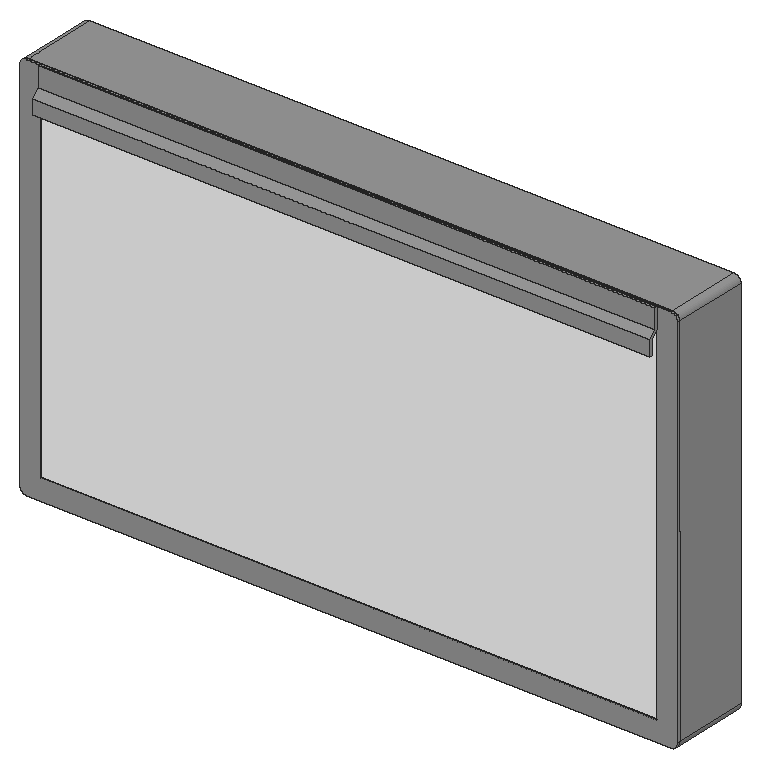
Revit family "Негатоскоп", category Оборудование, Revit 2017
Family settings
  Размер круглого соединителя = Использовать радиус
  Тип детали = Вставляется
  На основе рабочей плоскости = Нет
  Всегда вертикально = Да
  При загрузке вырезать с полостями = Нет
  Общий = Нет
  Точка расчета площади = Нет
Parameters (values of type "Тип")
  Общ_Ширина = 960.0 mm
  Общ_Тип, марка = ""
  Общ_Примечание = ""
  Общ_Поставщик = "Armed"
  Общ_Позиция = ""
  Общ_Напряжение = 220 V
  Общ_Наименование = "Негатоскоп двухкадровый, размеры просмотрового экрана 880х435 мм."
  Общ_Мощность номинальная = 90 W
  Общ_Масса = ""
  Общ_Код продукции = ""
  Общ_Задание = "ЭМ"
  Общ_Единицы измерения = "шт."
  Общ_Глубина = 112.0 mm
  Общ_Высота = 570.0 mm
  Keynote = ""
Reference planes
  plane 1 "По центру (Вперед/Назад)": y = 0
  plane 2: z = 0
  plane 3 "По центру (Влево/Вправо)": x = 0
  plane 4: x = -480
  plane 5: x = 480
  plane 6: y = 56
  plane 7: y = -56
  plane 8: z = 570
  plane 9: y = -59
  plane 10: y = -57.5
Forms (mm)
  Extrusion 1, solid, material "GKS_Оборудование"
    sketch origin (0, 0, 0) x (1, 0, 0) y (0, 0, 1)
      loop
        arc (-470, 570) -> (-477.071, 567.071) -> (-480, 560) r 10
        line (-480, 560) -> (-480, 10)
        arc (-480, 10) -> (-477.071, 2.929) -> (-470, 0) r 10
        line (-470, 0) -> (470, 0)
        arc (470, 0) -> (477.071, 2.929) -> (480, 10) r 10
        line (480, 10) -> (480, 560)
        arc (480, 560) -> (477.071, 567.071) -> (470, 570) r 10
        line (470, 570) -> (-470, 570)
    from -56 to 56
  Extrusion 2, solid, material "GKS_Оборудование"
    sketch origin (0, 0, 0) x (1, 0, 0) y (0, 0, 1)
      loop
        line (-480, 560) -> (-480, 10)
        arc (-480, 10) -> (-477.071, 2.929) -> (-470, 0) r 10
        line (-470, 0) -> (470, 0)
        arc (470, 0) -> (477.071, 2.929) -> (480, 10) r 10
        line (480, 10) -> (480, 560)
        arc (480, 560) -> (477.071, 567.071) -> (470, 570) r 10
        line (470, 570) -> (-470, 570)
        arc (-470, 570) -> (-477.071, 567.071) -> (-480, 560) r 10
      loop
        line (-450, 540) -> (-450, 30) -> (450, 30) -> (450, 540) -> (-450, 540)
    from 56 to 59
  Extrusion 3, solid, material "Белая краска_01"
    sketch origin (0, 0, 0) x (1, 0, 0) y (0, 0, 1)
      loop
        line (-450, 540) -> (-450, 30) -> (450, 30) -> (450, 540) -> (-450, 540)
    from 56 to 57.5
  Extrusion 4, solid, material "GKS_Оборудование"
    sketch origin (0, 0, 0) x (0, 1, 0) y (0, 0, 1)
      loop
        line (-59, 570) -> (-62.5, 570) -> (-62.5, 541.45) -> (-72.119, 531.83) -> (-72.119, 510.404) -> (-68.596, 510.404) -> (-68.596, 530.404) -> (-59, 540) -> (-59, 570)
    from -450 to 450
Dimensions and locks
  equal spacing: plane 4, plane 3 "По центру (Влево/Вправо)", plane 5
  equal spacing: plane 6, plane 1 "По центру (Вперед/Назад)", plane 7
  "Общ_Глубина": plane 6 to plane 7
  "Общ_Ширина": plane 4 to plane 5
  "Общ_Высота": plane 8 to plane 2
  locked: plane 7 to plane 9 at 3
  locked: plane 7 to plane 10 at 1.5
  locked: Extrusion 2 to Extrusion 4 sketch curve at 3.5
  locked: Extrusion 4 sketch curve to Extrusion 4 sketch curve at 3.523
  locked: Extrusion 2 to Extrusion 4 sketch curve at 13.119
  locked: Extrusion 4 sketch curve to Extrusion 4 sketch curve at 59.596
  locked: Extrusion 1 to Extrusion 3 at 30  (x2)
  aligned and locked: level to plane 2
  aligned and locked: Extrusion 1 sketch curve to plane 8
  aligned and locked: plane 4 to Extrusion 1 sketch curve
  aligned and locked: plane 2 to Extrusion 1 sketch curve
  aligned and locked: Extrusion 1 sketch curve to plane 5
  aligned and locked: Extrusion 1 to plane 7
  aligned and locked: plane 6 to Extrusion 1
  aligned and locked: Extrusion 2 sketch curve to Extrusion 1  (x4)
  aligned and locked: plane 7 to Extrusion 2
  aligned and locked: Extrusion 2 to plane 9
  aligned and locked: Extrusion 3 sketch curve to Extrusion 2  (x4)
  aligned and locked: plane 7 to Extrusion 3
  aligned and locked: Extrusion 3 to plane 10
  aligned and locked: Extrusion 4 sketch curve to Extrusion 2
  aligned and locked: plane 8 to Extrusion 4 sketch curve
  aligned and locked: Extrusion 4 to Extrusion 2  (x2)
Automatic sketch dimensions
  Extrusion 1 sketch curve to plane 5 = 10.0 mm
  plane 4 to Extrusion 1 sketch curve = 10.0 mm
  level to Extrusion 1 sketch curve = 10.0 mm  (x2)
  plane 4 to Extrusion 2 sketch curve = 10.0 mm  (x2)
  Extrusion 2 sketch curve to plane 5 = 10.0 mm  (x2)
  Extrusion 2 sketch curve to Extrusion 2 sketch curve = 20.0 mm  (x4)
  Extrusion 4 sketch curve to Extrusion 4 sketch curve = 20.0 mm
  Extrusion 4 sketch curve to Extrusion 4 sketch curve = 1.426 mm
  Extrusion 4 sketch curve to Extrusion 4 sketch curve = 9.596 mm
  Extrusion 4 sketch curve to Extrusion 4 sketch curve = 1.45 mm
Connectors
  electrical at (480, 0, 285), driven by "Общ_Напряжение", driven by "Общ_Мощность номинальная"
    settings: on Extrusion 1, index 1, voltage 220 V, apparent load 90 VA, apparent load phase1 0 VA, apparent load phase2 0 VA, apparent load phase3 0 VA, power factor 0, load classification "Прочее", number of poles 1, system type 30, power factor state 1, is connector primary yes, connector utility no, sub classification motor no, connector description ""
